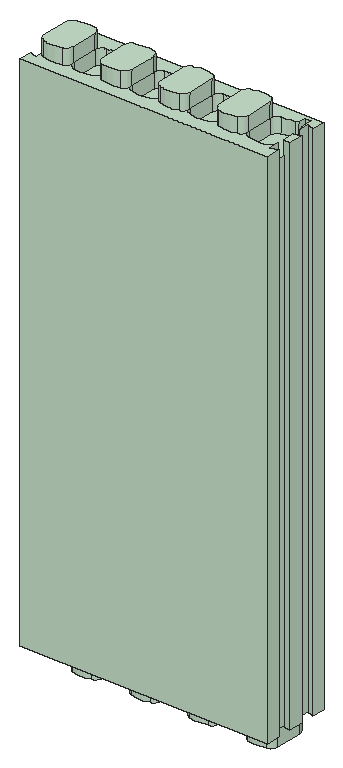
Revit family
Reference planes
  plane 1 "Center (Front/Back)": y = 0
  plane 2: z = 0
  plane 3 "Center (Left/Right)": x = 0
Forms (mm)
  Extrusion 1, solid, material "NUDURA Expanded Polystyrene Foam Insulation"
    sketch origin (0.15, 0, 0) x (1, 0, 0) y (0, 1, 0)
      loop
        line (-25.4, 0) -> (190.5, 0) -> (190.5, 11.396) -> (184.15, 9.695) -> (184.15, 25.112) -> (190.5, 23.529) -> (190.5, 36.796) -> (184.15, 35.095) -> (184.15, 50.512) -> (190.5, 48.929) -> (190.5, 60.325) -> (-25.4, 60.325) -> (-25.4, 48.929) -> (-19.05, 50.63) -> (-19.05, 35.213) -> (-25.4, 36.796) -> (-25.4, 23.529) -> (-19.05, 25.23) -> (-19.05, 9.813) -> (-25.4, 11.396) -> (-25.4, 0)
    from 0 to 457.2
  Extrusion 2, void
    sketch origin (-0.247, 0, 0) x (1, 0, 0) y (0, 1, 0)
      loop
        arc (75.825, 50.506) -> (75.283, 49.316) -> (74.029, 48.946) r 1.575
        arc (74.029, 48.946) -> (67.927, 49.113) -> (61.943, 47.903) r 26.987
        arc (61.943, 47.903) -> (58.762, 45.597) -> (57.547, 41.861) r 6.35
        line (57.547, 41.861) -> (57.547, 18.464)
        arc (57.547, 18.464) -> (58.762, 14.728) -> (61.943, 12.422) r 6.35
        arc (61.943, 12.422) -> (70.247, 11.112) -> (78.551, 12.422) r 26.987
        arc (78.551, 12.422) -> (81.732, 14.728) -> (82.947, 18.464) r 6.35
        line (82.947, 18.464) -> (82.947, 41.861)
        arc (82.947, 41.861) -> (82.6, 43.93) -> (81.599, 45.773) r 6.35
        arc (81.599, 45.773) -> (81.35, 46.23) -> (81.265, 46.743) r 1.575
        line (81.265, 46.743) -> (81.265, 56.142) -> (75.825, 56.142) -> (75.825, 50.506)
    from 457.2 to 444.5
  Extrusion 3, void
    sketch origin (50.553, 0, 0) x (1, 0, 0) y (0, 1, 0)
      loop
        arc (75.825, 50.506) -> (75.283, 49.316) -> (74.029, 48.946) r 1.575
        arc (74.029, 48.946) -> (67.927, 49.113) -> (61.943, 47.903) r 26.987
        arc (61.943, 47.903) -> (58.762, 45.597) -> (57.547, 41.861) r 6.35
        line (57.547, 41.861) -> (57.547, 18.464)
        arc (57.547, 18.464) -> (58.762, 14.728) -> (61.943, 12.422) r 6.35
        arc (61.943, 12.422) -> (70.247, 11.112) -> (78.551, 12.422) r 26.987
        arc (78.551, 12.422) -> (81.732, 14.728) -> (82.947, 18.464) r 6.35
        line (82.947, 18.464) -> (82.947, 41.861)
        arc (82.947, 41.861) -> (82.6, 43.93) -> (81.599, 45.773) r 6.35
        arc (81.599, 45.773) -> (81.35, 46.23) -> (81.265, 46.743) r 1.575
        line (81.265, 46.743) -> (81.265, 56.142) -> (75.825, 56.142) -> (75.825, 50.506)
    from 457.2 to 444.5
  Extrusion 4, void
    sketch origin (-51.047, 0, 0) x (1, 0, 0) y (0, 1, 0)
      loop
        arc (75.825, 50.506) -> (75.283, 49.316) -> (74.029, 48.946) r 1.575
        arc (74.029, 48.946) -> (67.927, 49.113) -> (61.943, 47.903) r 26.987
        arc (61.943, 47.903) -> (58.762, 45.597) -> (57.547, 41.861) r 6.35
        line (57.547, 41.861) -> (57.547, 18.464)
        arc (57.547, 18.464) -> (58.762, 14.728) -> (61.943, 12.422) r 6.35
        arc (61.943, 12.422) -> (70.247, 11.112) -> (78.551, 12.422) r 26.987
        arc (78.551, 12.422) -> (81.732, 14.728) -> (82.947, 18.464) r 6.35
        line (82.947, 18.464) -> (82.947, 41.861)
        arc (82.947, 41.861) -> (82.6, 43.93) -> (81.599, 45.773) r 6.35
        arc (81.599, 45.773) -> (81.35, 46.23) -> (81.265, 46.743) r 1.575
        line (81.265, 46.743) -> (81.265, 56.142) -> (75.825, 56.142) -> (75.825, 50.506)
    from 457.2 to 444.5
  Extrusion 5, void
    sketch origin (0.15, 0, 0) x (1, 0, 0) y (0, 1, 0)
      loop
        line (140.472, 50.506) -> (140.472, 56.142) -> (135.032, 56.142) -> (135.032, 46.743)
        arc (135.032, 46.743) -> (134.946, 46.23) -> (134.698, 45.773) r 1.575
        arc (134.698, 45.773) -> (133.696, 43.93) -> (133.35, 41.861) r 6.35
        line (133.35, 41.861) -> (133.35, 18.464)
        arc (133.35, 18.464) -> (134.565, 14.728) -> (137.746, 12.422) r 6.35
        arc (137.746, 12.422) -> (146.05, 11.112) -> (154.354, 12.422) r 26.987
        arc (154.354, 12.422) -> (157.535, 14.728) -> (158.75, 18.464) r 6.35
        line (158.75, 18.464) -> (158.75, 41.861)
        arc (158.75, 41.861) -> (157.535, 45.597) -> (154.354, 47.903) r 6.35
        arc (154.354, 47.903) -> (148.37, 49.113) -> (142.268, 48.946) r 26.987
        arc (142.268, 48.946) -> (141.014, 49.316) -> (140.472, 50.506) r 1.575
      loop
        line (89.672, 50.506) -> (89.672, 56.142) -> (84.232, 56.142) -> (84.232, 46.743)
        arc (84.232, 46.743) -> (84.146, 46.23) -> (83.898, 45.773) r 1.575
        arc (83.898, 45.773) -> (82.896, 43.93) -> (82.55, 41.861) r 6.35
        line (82.55, 41.861) -> (82.55, 18.464)
        arc (82.55, 18.464) -> (83.765, 14.728) -> (86.946, 12.422) r 6.35
        arc (86.946, 12.422) -> (95.25, 11.112) -> (103.554, 12.422) r 26.987
        arc (103.554, 12.422) -> (106.735, 14.728) -> (107.95, 18.464) r 6.35
        line (107.95, 18.464) -> (107.95, 41.861)
        arc (107.95, 41.861) -> (106.735, 45.597) -> (103.554, 47.903) r 6.35
        arc (103.554, 47.903) -> (97.57, 49.113) -> (91.468, 48.946) r 26.987
        arc (91.468, 48.946) -> (90.214, 49.316) -> (89.672, 50.506) r 1.575
      loop
        line (38.872, 50.506) -> (38.872, 56.142) -> (33.432, 56.142) -> (33.432, 46.743)
        arc (33.432, 46.743) -> (33.346, 46.23) -> (33.098, 45.773) r 1.575
        arc (33.098, 45.773) -> (32.096, 43.93) -> (31.75, 41.861) r 6.35
        line (31.75, 41.861) -> (31.75, 18.464)
        arc (31.75, 18.464) -> (32.965, 14.728) -> (36.146, 12.422) r 6.35
        arc (36.146, 12.422) -> (44.45, 11.112) -> (52.754, 12.422) r 26.987
        arc (52.754, 12.422) -> (55.935, 14.728) -> (57.15, 18.464) r 6.35
        line (57.15, 18.464) -> (57.15, 41.861)
        arc (57.15, 41.861) -> (55.935, 45.597) -> (52.754, 47.903) r 6.35
        arc (52.754, 47.903) -> (46.77, 49.113) -> (40.668, 48.946) r 26.987
        arc (40.668, 48.946) -> (39.414, 49.316) -> (38.872, 50.506) r 1.575
      loop
        line (-11.928, 50.506) -> (-11.928, 56.142) -> (-17.368, 56.142) -> (-17.368, 46.743)
        arc (-17.368, 46.743) -> (-17.454, 46.23) -> (-17.702, 45.773) r 1.575
        arc (-17.702, 45.773) -> (-18.704, 43.93) -> (-19.05, 41.861) r 6.35
        line (-19.05, 41.861) -> (-19.05, 18.464)
        arc (-19.05, 18.464) -> (-17.835, 14.728) -> (-14.654, 12.422) r 6.35
        arc (-14.654, 12.422) -> (-6.35, 11.112) -> (1.954, 12.422) r 26.987
        arc (1.954, 12.422) -> (5.135, 14.728) -> (6.35, 18.464) r 6.35
        line (6.35, 18.464) -> (6.35, 41.861)
        arc (6.35, 41.861) -> (5.135, 45.597) -> (1.954, 47.903) r 6.35
        arc (1.954, 47.903) -> (-4.03, 49.113) -> (-10.132, 48.946) r 26.987
        arc (-10.132, 48.946) -> (-11.386, 49.316) -> (-11.928, 50.506) r 1.575
    from 0 to 12.7
  Extrusion 6, void
    sketch origin (101.353, 0, 0) x (1, 0, 0) y (0, 1, 0)
      loop
        arc (75.825, 50.506) -> (75.283, 49.316) -> (74.029, 48.946) r 1.575
        arc (74.029, 48.946) -> (67.927, 49.113) -> (61.943, 47.903) r 26.987
        arc (61.943, 47.903) -> (58.762, 45.597) -> (57.547, 41.861) r 6.35
        line (57.547, 41.861) -> (57.547, 18.464)
        arc (57.547, 18.464) -> (58.762, 14.728) -> (61.943, 12.422) r 6.35
        arc (61.943, 12.422) -> (70.247, 11.112) -> (78.551, 12.422) r 26.987
        arc (78.551, 12.422) -> (81.732, 14.728) -> (82.947, 18.464) r 6.35
        line (82.947, 18.464) -> (82.947, 41.861)
        arc (82.947, 41.861) -> (82.6, 43.93) -> (81.599, 45.773) r 6.35
        arc (81.599, 45.773) -> (81.35, 46.23) -> (81.265, 46.743) r 1.575
        line (81.265, 46.743) -> (81.265, 56.142) -> (75.825, 56.142) -> (75.825, 50.506)
    from 457.2 to 444.5
Cuts and joins
  Extrusion 2, Extrusion 3, Extrusion 4, Extrusion 5, Extrusion 6 cuts Extrusion 1
Dimensions and locks
  aligned and locked: level to plane 2
Nested families
  nested 1: "Capture Lugs" at (82.7, 142.875, 0), type "Capture Lugs"
  nested 2: "Interlock Tooth" at (31.9, 142.875, 0), type "Interlock Tooth"
  nested 3: "Interlock Tooth" at (82.7, 142.875, 0), type "Interlock Tooth"
  nested 4: "Interlock Tooth" at (133.5, 142.875, 0), type "Interlock Tooth"
  nested 5: "Interlock Tooth" at (108.1, 142.875, -469.9), type "Interlock Tooth"
  nested 6: "Interlock Tooth" at (57.3, 142.875, -469.9), type "Interlock Tooth"
  nested 7: "Interlock Tooth" at (6.5, 142.875, -469.9), type "Interlock Tooth"
  nested 8: "Interlock Tooth" at (158.9, 142.875, -469.9), type "Interlock Tooth"
  nested 9: "Interlock Tooth" at (-18.9, 142.875, 0), type "Interlock Tooth"
  nested 10: "NUDURA Logo Diamond without Outside Line" at (-222.035, 0, 0), type "NUDURA Logo Diamond without Outside Line"
Definition of nested family "Capture Lugs"
  Reference planes
    plane 1 "Center (Front/Back)": y = 0
    plane 2: z = 0
    plane 3 "Center (Left/Right)": x = 0
  Forms (mm)
    Extrusion 1, solid, material "High Density Polystyrene"
      sketch origin (0, 0, 0) x (0, 1, 0) y (0, 0, 1)
        loop
          arc (-82.55, 0) -> (-81.817, 0.502) -> (-81.534, 1.344) r 1.397
          line (-81.534, 1.344) -> (-81.534, 449.4)
          arc (-81.534, 449.4) -> (-81.817, 450.243) -> (-82.55, 450.744) r 1.397
          line (-82.55, 450.744) -> (-82.55, 0)
      from 9.227 to -9.227
    Extrusion 2, solid, material "High Density Polystyrene"
      sketch origin (0, 0, 0) x (0, 1, 0) y (0, 0, 1)
        loop
          line (-81.534, 410.919) -> (-81.534, 380.439) -> (-68.834, 380.439) -> (-68.834, 410.919) -> (-81.534, 410.919)
        loop
          line (-81.534, 361.389) -> (-81.534, 330.909) -> (-68.834, 330.909) -> (-68.834, 361.389) -> (-81.534, 361.389)
        loop
          line (-81.534, 311.859) -> (-81.534, 281.379) -> (-68.834, 281.379) -> (-68.834, 311.859) -> (-81.534, 311.859)
        loop
          line (-81.534, 262.329) -> (-81.534, 234.897) -> (-68.834, 234.897) -> (-68.834, 262.329) -> (-81.534, 262.329)
        loop
          line (-81.534, 215.847) -> (-81.534, 188.415) -> (-68.834, 188.415) -> (-68.834, 215.847) -> (-81.534, 215.847)
        loop
          line (-81.534, 169.365) -> (-81.534, 138.885) -> (-68.834, 138.885) -> (-68.834, 169.365) -> (-81.534, 169.365)
        loop
          line (-81.534, 119.835) -> (-81.534, 89.355) -> (-68.834, 89.355) -> (-68.834, 119.835) -> (-81.534, 119.835)
        loop
          line (-81.534, 70.305) -> (-81.534, 39.825) -> (-68.834, 39.825) -> (-68.834, 70.305) -> (-81.534, 70.305)
      from 6.35 to -6.35
    Extrusion 3, void
      sketch origin (0, 0, 0) x (1, 0, 0) y (0, 1, 0)
        loop
          arc (-6.35, -70.929) -> (-5.736, -69.448) -> (-4.255, -68.834) r 2.095
          line (-4.255, -68.834) -> (-6.35, -68.834) -> (-6.35, -70.929)
      from 0 to 457.2
    Extrusion 4, void
      sketch origin (0, 0, 0) x (-1, 0, 0) y (0, -1, 0)
        loop
          line (-6.35, 70.929) -> (-6.35, 68.834) -> (-4.255, 68.834)
          arc (-4.255, 68.834) -> (-5.736, 69.448) -> (-6.35, 70.929) r 2.095
      from 0 to 457.2
    Extrusion 5, void
      sketch origin (0, 0, 0) x (1, 0, 0) y (0, 1, 0)
        loop
          arc (-1.191, -72.009) -> (0, -78.127) -> (1.191, -72.009) r 3.175
          line (1.191, -72.009) -> (1.191, -68.834) -> (-1.191, -68.834) -> (-1.191, -72.009)
      from 0 to 457.2
  Cuts and joins
    Extrusion 3, Extrusion 4 cuts Extrusion 1
    Extrusion 3, Extrusion 4, Extrusion 5 cuts Extrusion 2
Definition of nested family "Interlock Tooth"
  Reference planes
    plane 1 "Center (Front/Back)": y = 0
    plane 2: z = 0
    plane 3 "Center (Left/Right)": x = 0
    plane 4: z = 457.2
    plane 5: z = 469.9
    plane 6: z = -12.7
  Forms (mm)
    Extrusion 1, solid, material "NUDURA Expanded Polystyrene Foam Insulation"
      sketch origin (0, -225.425, 0) x (1, 0, 0) y (0, 1, 0)
        loop
          arc (0, 101.014) -> (1.215, 97.278) -> (4.396, 94.972) r 6.35
          arc (4.396, 94.972) -> (12.7, 93.663) -> (21.004, 94.972) r 26.988
          arc (21.004, 94.972) -> (24.185, 97.278) -> (25.4, 101.014) r 6.35
          line (25.4, 101.014) -> (25.4, 124.411)
          arc (25.4, 124.411) -> (24.185, 128.147) -> (21.004, 130.453) r 6.35
          arc (21.004, 130.453) -> (12.7, 131.763) -> (4.396, 130.453) r 26.987
          arc (4.396, 130.453) -> (1.215, 128.147) -> (0, 124.411) r 6.35
          line (0, 124.411) -> (0, 101.014)
      from 457.2 to 469.9
  Dimensions and locks
    locked: plane 4 to level at 457.2
    locked: plane 4 to plane 5 at 12.7
    locked: plane 6 to level at 12.7
Definition of nested family "NUDURA Logo Diamond without Outside Line"
  Reference planes
    plane 1 "Center (Front/Back)": y = 0
    plane 2: z = 0
    plane 3 "Center (Left/Right)": x = 0
  Lines and regions (mm)
    model lines
      curve 1: line (320.001, 0, 444.526) -> (311.021, 0, 453.507)
      curve 2: line (313.973, 0, 425.925) -> (320.001, 0, 431.954)
      curve 3: line (320.001, 0, 406.426) -> (313.973, 0, 412.455)
      curve 4: line (313.973, 0, 387.825) -> (320.001, 0, 393.854)
      curve 5: line (320.001, 0, 368.326) -> (313.973, 0, 374.355)
      curve 6: line (313.973, 0, 349.725) -> (320.001, 0, 355.754)
      curve 7: line (309.225, 0, 337.411) -> (322.887, 0, 323.749)
      curve 8: line (322.887, 0, 323.749) -> (324.683, 0, 325.545)
      curve 9: line (286.583, 0, 323.749) -> (300.245, 0, 337.411)
      curve 10: line (295.497, 0, 336.255) -> (284.787, 0, 325.545)
      curve 11: line (289.468, 0, 355.754) -> (295.497, 0, 349.725)
      curve 12: line (295.497, 0, 374.355) -> (289.468, 0, 368.326)
      curve 13: line (289.468, 0, 393.854) -> (295.497, 0, 387.825)
      curve 14: line (295.497, 0, 412.455) -> (289.468, 0, 406.426)
      curve 15: line (289.468, 0, 431.954) -> (295.497, 0, 425.925)
      curve 16: line (298.449, 0, 453.507) -> (289.468, 0, 444.526)
      curve 17: line (300.245, 0, 451.711) -> (291.265, 0, 442.73)
      curve 18: line (318.205, 0, 442.73) -> (309.225, 0, 451.711)
      curve 19: line (309.225, 0, 424.77) -> (318.205, 0, 433.75)
      curve 20: line (291.265, 0, 433.75) -> (300.245, 0, 424.77)
      curve 21: arc (289.468, 0, 444.526) -> (286.865, 0, 438.24) -> (289.468, 0, 431.954) r 8.89
      curve 22: arc (298.449, 0, 453.507) -> (304.735, 0, 456.111) -> (311.021, 0, 453.507) r 8.89
      curve 23: arc (291.265, 0, 442.73) -> (289.405, 0, 438.24) -> (291.265, 0, 433.75) r 6.35
      curve 24: arc (318.205, 0, 442.73) -> (320.065, 0, 438.24) -> (318.205, 0, 433.75) r 6.35
      curve 25: arc (309.225, 0, 424.77) -> (304.735, 0, 422.91) -> (300.245, 0, 424.77) r 6.35
      curve 26: arc (300.245, 0, 451.711) -> (304.735, 0, 453.571) -> (309.225, 0, 451.711) r 6.35
      curve 27: arc (320.001, 0, 444.526) -> (322.605, 0, 438.24) -> (320.001, 0, 431.954) r 8.89
      curve 28: arc (295.497, 0, 425.925) -> (298.287, 0, 419.19) -> (295.497, 0, 412.455) r 9.525
      curve 29: arc (313.973, 0, 425.925) -> (311.183, 0, 419.19) -> (313.973, 0, 412.455) r 9.525
      curve 30: line (313.973, 0, 387.825) -> (320.001, 0, 393.854)
      curve 31: line (289.468, 0, 393.854) -> (295.497, 0, 387.825)
      curve 32: line (300.245, 0, 413.611) -> (291.265, 0, 404.63)
      curve 33: line (318.205, 0, 404.63) -> (309.225, 0, 413.611)
      curve 34: line (309.225, 0, 386.67) -> (318.205, 0, 395.65)
      curve 35: line (291.265, 0, 395.65) -> (300.245, 0, 386.67)
      curve 36: arc (289.468, 0, 406.426) -> (286.865, 0, 400.14) -> (289.468, 0, 393.854) r 8.89
      curve 37: arc (291.265, 0, 404.63) -> (289.405, 0, 400.14) -> (291.265, 0, 395.65) r 6.35
      curve 38: arc (318.205, 0, 404.63) -> (320.065, 0, 400.14) -> (318.205, 0, 395.65) r 6.35
      curve 39: arc (309.225, 0, 386.67) -> (304.735, 0, 384.81) -> (300.245, 0, 386.67) r 6.35
      curve 40: arc (300.245, 0, 413.611) -> (304.735, 0, 415.471) -> (309.225, 0, 413.611) r 6.35
      curve 41: arc (320.001, 0, 406.426) -> (322.605, 0, 400.14) -> (320.001, 0, 393.854) r 8.89
      curve 42: line (295.497, 0, 412.455) -> (289.468, 0, 406.426)
      curve 43: line (320.001, 0, 406.426) -> (313.973, 0, 412.455)
      curve 44: arc (295.497, 0, 387.825) -> (298.287, 0, 381.09) -> (295.497, 0, 374.355) r 9.525
      curve 45: arc (313.973, 0, 387.825) -> (311.183, 0, 381.09) -> (313.973, 0, 374.355) r 9.525
      curve 46: line (313.973, 0, 349.725) -> (320.001, 0, 355.754)
      curve 47: line (289.468, 0, 355.754) -> (295.497, 0, 349.725)
      curve 48: line (300.245, 0, 375.511) -> (291.265, 0, 366.53)
      curve 49: line (318.205, 0, 366.53) -> (309.225, 0, 375.511)
      curve 50: line (309.225, 0, 348.57) -> (318.205, 0, 357.55)
      curve 51: line (291.265, 0, 357.55) -> (300.245, 0, 348.57)
      curve 52: arc (289.468, 0, 368.326) -> (286.865, 0, 362.04) -> (289.468, 0, 355.754) r 8.89
      curve 53: arc (291.265, 0, 366.53) -> (289.405, 0, 362.04) -> (291.265, 0, 357.55) r 6.35
      curve 54: arc (318.205, 0, 366.53) -> (320.065, 0, 362.04) -> (318.205, 0, 357.55) r 6.35
      curve 55: arc (309.225, 0, 348.57) -> (304.735, 0, 346.71) -> (300.245, 0, 348.57) r 6.35
      curve 56: arc (300.245, 0, 375.511) -> (304.735, 0, 377.371) -> (309.225, 0, 375.511) r 6.35
      curve 57: arc (320.001, 0, 368.326) -> (322.605, 0, 362.04) -> (320.001, 0, 355.754) r 8.89
      curve 58: line (295.497, 0, 374.355) -> (289.468, 0, 368.326)
      curve 59: arc (295.497, 0, 349.725) -> (298.287, 0, 342.99) -> (295.497, 0, 336.255) r 9.525
      curve 60: arc (313.973, 0, 349.725) -> (311.183, 0, 342.99) -> (313.973, 0, 336.255) r 9.525
      curve 61: line (324.683, 0, 325.545) -> (313.973, 0, 336.255)
      curve 62: line (284.787, 0, 325.545) -> (286.583, 0, 323.749)
      curve 63: arc (300.245, 0, 337.411) -> (304.735, 0, 339.271) -> (309.225, 0, 337.411) r 6.35
      curve 64: line (320.001, 0, 12.854) -> (311.021, 0, 3.874)
      curve 65: line (313.973, 0, 31.455) -> (320.001, 0, 25.426)
      curve 66: line (320.001, 0, 50.954) -> (313.973, 0, 44.925)
      curve 67: line (313.973, 0, 69.555) -> (320.001, 0, 63.526)
      curve 68: line (320.001, 0, 89.054) -> (313.973, 0, 83.025)
      curve 69: line (313.973, 0, 107.655) -> (320.001, 0, 101.626)
      curve 70: line (309.225, 0, 119.97) -> (322.887, 0, 133.632)
      curve 71: line (322.887, 0, 133.632) -> (324.683, 0, 131.836)
      curve 72: line (286.583, 0, 133.632) -> (300.245, 0, 119.97)
      curve 73: line (295.497, 0, 121.125) -> (284.787, 0, 131.836)
      curve 74: line (289.468, 0, 101.626) -> (295.497, 0, 107.655)
      curve 75: line (295.497, 0, 83.025) -> (289.468, 0, 89.054)
      curve 76: line (289.468, 0, 63.526) -> (295.497, 0, 69.555)
      curve 77: line (295.497, 0, 44.925) -> (289.468, 0, 50.954)
      curve 78: line (289.468, 0, 25.426) -> (295.497, 0, 31.455)
      curve 79: line (298.449, 0, 3.874) -> (289.468, 0, 12.854)
      curve 80: line (300.245, 0, 5.67) -> (291.265, 0, 14.65)
      curve 81: line (318.205, 0, 14.65) -> (309.225, 0, 5.67)
      curve 82: line (309.225, 0, 32.611) -> (318.205, 0, 23.63)
      curve 83: line (291.265, 0, 23.63) -> (300.245, 0, 32.611)
      curve 84: arc (289.468, 0, 12.854) -> (286.865, 0, 19.14) -> (289.468, 0, 25.426) r 8.89
      curve 85: arc (298.449, 0, 3.874) -> (304.735, 0, 1.27) -> (311.021, 0, 3.874) r 8.89
      curve 86: arc (291.265, 0, 14.65) -> (289.405, 0, 19.14) -> (291.265, 0, 23.63) r 6.35
      curve 87: arc (318.205, 0, 14.65) -> (320.065, 0, 19.14) -> (318.205, 0, 23.63) r 6.35
      curve 88: arc (309.225, 0, 32.611) -> (304.735, 0, 34.471) -> (300.245, 0, 32.611) r 6.35
      curve 89: arc (300.245, 0, 5.67) -> (304.735, 0, 3.81) -> (309.225, 0, 5.67) r 6.35
      curve 90: arc (320.001, 0, 12.854) -> (322.605, 0, 19.14) -> (320.001, 0, 25.426) r 8.89
      curve 91: arc (295.497, 0, 31.455) -> (298.287, 0, 38.19) -> (295.497, 0, 44.925) r 9.525
      curve 92: arc (313.973, 0, 31.455) -> (311.183, 0, 38.19) -> (313.973, 0, 44.925) r 9.525
      curve 93: line (313.973, 0, 69.555) -> (320.001, 0, 63.526)
      curve 94: line (289.468, 0, 63.526) -> (295.497, 0, 69.555)
      curve 95: line (300.245, 0, 43.77) -> (291.265, 0, 52.75)
      curve 96: line (318.205, 0, 52.75) -> (309.225, 0, 43.77)
      curve 97: line (309.225, 0, 70.711) -> (318.205, 0, 61.73)
      curve 98: line (291.265, 0, 61.73) -> (300.245, 0, 70.711)
      curve 99: arc (289.468, 0, 50.954) -> (286.865, 0, 57.24) -> (289.468, 0, 63.526) r 8.89
      curve 100: arc (291.265, 0, 52.75) -> (289.405, 0, 57.24) -> (291.265, 0, 61.73) r 6.35
      curve 101: arc (318.205, 0, 52.75) -> (320.065, 0, 57.24) -> (318.205, 0, 61.73) r 6.35
      curve 102: arc (309.225, 0, 70.711) -> (304.735, 0, 72.571) -> (300.245, 0, 70.711) r 6.35
      curve 103: arc (300.245, 0, 43.77) -> (304.735, 0, 41.91) -> (309.225, 0, 43.77) r 6.35
      curve 104: arc (320.001, 0, 50.954) -> (322.605, 0, 57.24) -> (320.001, 0, 63.526) r 8.89
      curve 105: line (295.497, 0, 44.925) -> (289.468, 0, 50.954)
      curve 106: line (320.001, 0, 50.954) -> (313.973, 0, 44.925)
      curve 107: arc (295.497, 0, 69.555) -> (298.287, 0, 76.29) -> (295.497, 0, 83.025) r 9.525
      curve 108: arc (313.973, 0, 69.555) -> (311.183, 0, 76.29) -> (313.973, 0, 83.025) r 9.525
      curve 109: line (313.973, 0, 107.655) -> (320.001, 0, 101.626)
      curve 110: line (289.468, 0, 101.626) -> (295.497, 0, 107.655)
      curve 111: line (300.245, 0, 81.87) -> (291.265, 0, 90.85)
      curve 112: line (318.205, 0, 90.85) -> (309.225, 0, 81.87)
      curve 113: line (309.225, 0, 108.811) -> (318.205, 0, 99.83)
      curve 114: line (291.265, 0, 99.83) -> (300.245, 0, 108.811)
      curve 115: arc (289.468, 0, 89.054) -> (286.865, 0, 95.34) -> (289.468, 0, 101.626) r 8.89
      curve 116: arc (291.265, 0, 90.85) -> (289.405, 0, 95.34) -> (291.265, 0, 99.83) r 6.35
      curve 117: arc (318.205, 0, 90.85) -> (320.065, 0, 95.34) -> (318.205, 0, 99.83) r 6.35
      curve 118: arc (309.225, 0, 108.811) -> (304.735, 0, 110.671) -> (300.245, 0, 108.811) r 6.35
      curve 119: arc (300.245, 0, 81.87) -> (304.735, 0, 80.01) -> (309.225, 0, 81.87) r 6.35
      curve 120: arc (320.001, 0, 89.054) -> (322.605, 0, 95.34) -> (320.001, 0, 101.626) r 8.89
      curve 121: line (295.497, 0, 83.025) -> (289.468, 0, 89.054)
      curve 122: arc (295.497, 0, 107.655) -> (298.287, 0, 114.39) -> (295.497, 0, 121.125) r 9.525
      curve 123: arc (313.973, 0, 107.655) -> (311.183, 0, 114.39) -> (313.973, 0, 121.125) r 9.525
      curve 124: line (324.683, 0, 131.836) -> (313.973, 0, 121.125)
      curve 125: line (284.787, 0, 131.836) -> (286.583, 0, 133.632)
      curve 126: arc (300.245, 0, 119.97) -> (304.735, 0, 118.11) -> (309.225, 0, 119.97) r 6.35
      curve 127: line (314.26, 0, 317.59) -> (295.21, 0, 317.59)
      curve 128: line (323.785, 0, 149.315) -> (323.785, 0, 308.065)
      curve 129: line (285.685, 0, 308.065) -> (285.685, 0, 149.315)
      curve 130: line (295.21, 0, 139.79) -> (314.26, 0, 139.79)
      curve 131: line (316.797, 0, 304.89) -> (305.798, 0, 311.24)
      curve 132: line (316.797, 0, 292.19) -> (316.797, 0, 304.89)
      curve 133: line (311.298, 0, 289.015) -> (316.797, 0, 292.19)
      curve 134: line (305.373, 0, 292.436) -> (311.298, 0, 289.015)
      curve 135: line (310.447, 0, 295.365) -> (305.373, 0, 292.436)
      curve 136: line (299.874, 0, 307.82) -> (310.447, 0, 301.715)
      curve 137: line (310.447, 0, 301.715) -> (310.447, 0, 295.365)
      curve 138: line (305.798, 0, 311.24) -> (299.874, 0, 307.82)
      curve 139: line (299.023, 0, 295.611) -> (304.097, 0, 298.54)
      curve 140: line (304.097, 0, 298.54) -> (298.172, 0, 301.961)
      curve 141: line (298.172, 0, 301.961) -> (292.673, 0, 298.786)
      curve 142: line (292.673, 0, 298.786) -> (292.673, 0, 286.086)
      curve 143: line (299.023, 0, 289.261) -> (299.023, 0, 295.611)
      curve 144: line (309.596, 0, 283.156) -> (299.023, 0, 289.261)
      curve 145: line (303.671, 0, 279.736) -> (309.596, 0, 283.156)
      curve 146: line (292.673, 0, 286.086) -> (303.671, 0, 279.736)
      curve 147: line (312.702, 0, 269.344) -> (296.768, 0, 272.912)
      curve 148: line (296.768, 0, 272.912) -> (296.768, 0, 267.036)
      curve 149: line (296.768, 0, 267.036) -> (308.089, 0, 264.517)
      curve 150: line (308.089, 0, 264.517) -> (296.768, 0, 260.949)
      curve 151: line (296.768, 0, 260.949) -> (296.768, 0, 251.084)
      curve 152: line (296.768, 0, 251.084) -> (309.138, 0, 248.314)
      curve 153: line (309.138, 0, 248.314) -> (309.138, 0, 247.516)
      curve 154: line (309.138, 0, 247.516) -> (301.281, 0, 248.991)
      curve 155: line (296.768, 0, 245.246) -> (296.768, 0, 237.71)
      curve 156: line (306.598, 0, 222.094) -> (306.598, 0, 228.599)
      curve 157: line (306.598, 0, 228.599) -> (296.768, 0, 230.786)
      curve 158: line (296.768, 0, 230.786) -> (296.768, 0, 215.343)
      curve 159: line (302.723, 0, 230.274) -> (312.702, 0, 228.039)
      curve 160: line (300.341, 0, 217.291) -> (300.341, 0, 223.486)
      curve 161: line (300.341, 0, 223.486) -> (306.598, 0, 222.094)
      curve 162: line (296.768, 0, 205.027) -> (296.768, 0, 197.49)
      curve 163: line (302.723, 0, 190.055) -> (310.162, 0, 188.389)
      curve 164: line (310.162, 0, 188.389) -> (310.162, 0, 176.633)
      curve 165: line (308.892, 0, 175.363) -> (307.868, 0, 175.363)
      curve 166: line (306.598, 0, 176.633) -> (306.598, 0, 180.004)
      curve 167: line (306.598, 0, 180.004) -> (307.868, 0, 179.719)
      curve 168: line (307.868, 0, 179.719) -> (307.868, 0, 186.3)
      curve 169: line (307.868, 0, 186.3) -> (296.768, 0, 188.785)
      curve 170: line (296.768, 0, 188.785) -> (296.768, 0, 182.205)
      curve 171: line (296.768, 0, 182.205) -> (304.058, 0, 180.572)
      curve 172: line (304.058, 0, 180.572) -> (304.058, 0, 177.654)
      curve 173: line (302.788, 0, 176.384) -> (296.768, 0, 176.384)
      curve 174: line (296.768, 0, 176.384) -> (296.768, 0, 164.003)
      curve 175: line (296.768, 0, 164.003) -> (299.284, 0, 162.219)
      curve 176: line (299.284, 0, 162.219) -> (299.284, 0, 153.715)
      curve 177: line (307.942, 0, 156.079) -> (301.824, 0, 160.418)
      curve 178: line (301.824, 0, 160.418) -> (301.824, 0, 154.409)
      curve 179: line (301.824, 0, 154.409) -> (307.942, 0, 156.079)
      curve 180: line (299.284, 0, 153.715) -> (296.768, 0, 153.028)
      curve 181: line (296.768, 0, 153.028) -> (296.768, 0, 146.14)
      curve 182: line (296.768, 0, 146.14) -> (312.702, 0, 150.491)
      curve 183: line (312.702, 0, 150.491) -> (312.702, 0, 159.713)
      curve 184: line (312.702, 0, 159.713) -> (298.767, 0, 169.594)
      curve 185: line (298.767, 0, 169.594) -> (302.342, 0, 169.594)
      curve 186: line (312.702, 0, 172.383) -> (312.702, 0, 193.945)
      curve 187: line (312.702, 0, 193.945) -> (302.326, 0, 196.268)
      curve 188: line (300.341, 0, 198.747) -> (300.341, 0, 201.381)
      curve 189: line (301.888, 0, 202.62) -> (312.702, 0, 200.199)
      curve 190: line (312.702, 0, 200.199) -> (312.702, 0, 206.628)
      curve 191: line (312.702, 0, 206.628) -> (306.843, 0, 207.728)
      curve 192: line (312.702, 0, 212.942) -> (312.702, 0, 227.241)
      curve 193: line (312.702, 0, 227.241) -> (309.138, 0, 228.034)
      curve 194: line (309.138, 0, 228.034) -> (309.138, 0, 217.291)
      curve 195: line (312.702, 0, 228.039) -> (312.702, 0, 234.164)
      curve 196: line (312.702, 0, 234.164) -> (302.326, 0, 236.488)
      curve 197: line (300.341, 0, 238.966) -> (300.341, 0, 241.6)
      curve 198: line (301.736, 0, 242.874) -> (312.702, 0, 240.418)
      curve 199: line (312.702, 0, 240.418) -> (312.702, 0, 253.611)
      curve 200: line (312.702, 0, 253.611) -> (302.429, 0, 255.912)
      curve 201: line (302.429, 0, 255.912) -> (312.702, 0, 259.27)
      curve 202: line (312.702, 0, 259.27) -> (312.702, 0, 269.344)
      curve 203: arc (296.768, 0, 245.246) -> (298.145, 0, 248.178) -> (301.281, 0, 248.991) r 3.81
      curve 204: arc (296.768, 0, 237.71) -> (298.44, 0, 232.946) -> (302.723, 0, 230.274) r 7.62
      curve 205: arc (300.842, 0, 208.826) -> (297.87, 0, 211.5) -> (296.768, 0, 215.343) r 7.251
      curve 206: arc (296.768, 0, 205.027) -> (297.979, 0, 207.812) -> (300.842, 0, 208.826) r 3.808
      curve 207: arc (296.768, 0, 197.49) -> (298.44, 0, 192.727) -> (302.723, 0, 190.055) r 7.62
      curve 208: arc (300.341, 0, 198.747) -> (300.898, 0, 197.159) -> (302.326, 0, 196.268) r 2.54
      curve 209: arc (300.341, 0, 201.381) -> (300.817, 0, 202.372) -> (301.888, 0, 202.62) r 1.27
      curve 210: arc (307.868, 0, 175.363) -> (306.969, 0, 175.735) -> (306.598, 0, 176.633) r 1.27
      curve 211: arc (308.892, 0, 175.363) -> (309.79, 0, 175.735) -> (310.162, 0, 176.633) r 1.27
      curve 212: arc (304.058, 0, 177.654) -> (303.686, 0, 176.756) -> (302.788, 0, 176.384) r 1.27
      curve 213: arc (302.342, 0, 169.594) -> (303.976, 0, 170.198) -> (304.826, 0, 171.718) r 2.516
      curve 214: arc (304.826, 0, 171.718) -> (309.07, 0, 168.432) -> (312.702, 0, 172.383) r 3.966
      curve 215: arc (306.843, 0, 207.728) -> (310.942, 0, 209.02) -> (312.702, 0, 212.942) r 5.249
      curve 216: arc (300.341, 0, 217.291) -> (304.739, 0, 212.893) -> (309.138, 0, 217.291) r 4.398
      curve 217: arc (300.341, 0, 238.966) -> (300.898, 0, 237.378) -> (302.326, 0, 236.488) r 2.54
      curve 218: arc (300.341, 0, 241.6) -> (300.886, 0, 242.648) -> (302.057, 0, 242.802) r 1.279
      curve 219: arc (285.685, 0, 308.065) -> (288.475, 0, 314.8) -> (295.21, 0, 317.59) r 9.525
      curve 220: arc (314.26, 0, 317.59) -> (320.995, 0, 314.8) -> (323.785, 0, 308.065) r 9.525
      curve 221: arc (285.685, 0, 149.315) -> (288.475, 0, 142.58) -> (295.21, 0, 139.79) r 9.525
      curve 222: arc (314.26, 0, 139.79) -> (320.995, 0, 142.58) -> (323.785, 0, 149.315) r 9.525
      curve 223: line (253.935, 0, 457.2) -> (253.935, 0, 0)
      curve 224: line (355.535, 0, 457.2) -> (355.535, 0, 0)
